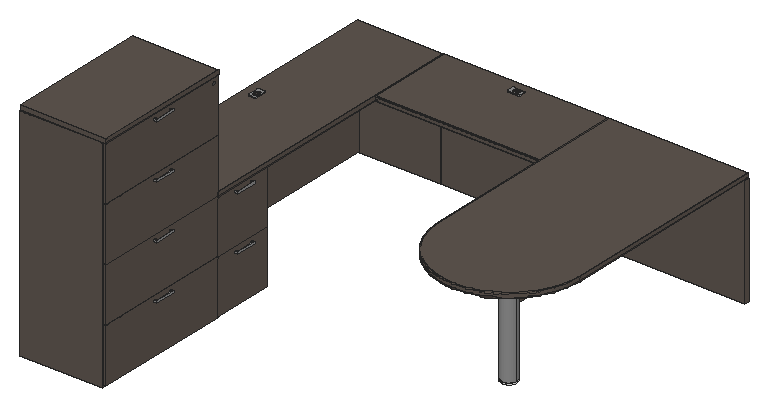
Revit family "T100054", category Casework, Revit 2018 (continued)
Definition of nested family "FIRST OFFICE-PULSE_STORAGE_LATERAL_FILES_FREE_STND"
  Dimensions and locks (in)
    plane 17 to plane 16 to plane 15 to plane 18 to plane 14 to plane 13 to plane 8 to plane 24 to plane 7 to plane 10 to plane 1 = 1' - 1 3/4" locked, 0' - 0 1/8" locked, 1' - 1 3/4" locked, 0' - 0 1/8" locked, 1' - 1 3/4" locked, 0' - 0 1/8" locked, 1' - 1 3/4" locked, 0' - 0 3/16" locked, 0' - 0 9/16" locked, 0' - 0 1/2" locked
    "LATERAL FILE HEIGHT": plane 19 "SURFACE TOP" to plane 10
    plane 3 "Left" to plane 6 to plane 26 = 0' - 0 1/16" locked, 0' - 0 15/16" locked
    locked: Extrusion 5 sketch curve to Extrusion 5 sketch curve at 0.875
    locked: Extrusion 6 sketch curve to Extrusion 6 sketch curve at 0.875
    plane 25 to plane 12 to plane 19 "SURFACE TOP" = 0' - 0 1/8" locked, 0' - 1.187" locked
    locked: plane 25 to plane 29 at 1.25
    plane 28 to plane 27 to plane 23 to plane 4 "Right" = 0' - 0.388" locked, 0' - 0.937" locked, 0' - 0.063" locked
    aligned: level to plane 1
    aligned and locked: plane 9 "BACK" to Masking region 1 sketch curve  (x2)
    aligned: plane 23 to Masking region 2
    aligned and locked: plane 21 to Masking region 1 sketch curve
    aligned and locked: Masking region 2 to plane 21
    aligned and locked: plane 20 "DRAWER FRONT" to Masking region 2
    aligned and locked: plane 3 "Left" to Extrusion 1 sketch curve
    aligned and locked: Extrusion 1 sketch curve to plane 9 "BACK"
    aligned and locked: plane 4 "Right" to Extrusion 1 sketch curve
    aligned and locked: Extrusion 1 to plane 12
    aligned and locked: Extrusion 1 to plane 19 "SURFACE TOP"
    aligned and locked: plane 4 "Right" to Extrusion 2
    aligned and locked: Extrusion 2 to plane 3 "Left"
    aligned and locked: Extrusion 3 sketch curve to plane 3 "Left"
    aligned and locked: Extrusion 3 sketch curve to plane 9 "BACK"
    aligned and locked: plane 26 to Extrusion 3 sketch curve
    aligned and locked: plane 21 to Extrusion 3 sketch curve
    aligned and locked: plane 25 to Extrusion 3
    aligned and locked: Extrusion 3 to plane 10
    aligned and locked: Extrusion 4 sketch curve to plane 27
    aligned and locked: plane 4 "Right" to Extrusion 4 sketch curve
    aligned and locked: plane 21 to Extrusion 4 sketch curve
    aligned and locked: plane 25 to Extrusion 4
    aligned and locked: Extrusion 4 to plane 10
    aligned and locked: plane 12 to Extrusion 5
    aligned and locked: Extrusion 5 to plane 25
    aligned and locked: plane 26 to Extrusion 5 sketch curve
    aligned and locked: plane 27 to Extrusion 6 sketch curve
    aligned and locked: plane 12 to Extrusion 6
    aligned and locked: Extrusion 6 to plane 25
    aligned and locked: Extrusion 7 sketch curve to plane 26
    aligned and locked: plane 22 to Extrusion 7 sketch curve
    aligned and locked: Extrusion 7 sketch curve to plane 9 "BACK"
    aligned and locked: plane 27 to Extrusion 7 sketch curve
    aligned and locked: Extrusion 7 to plane 10
    aligned and locked: plane 12 to Extrusion 7
    aligned and locked: Extrusion 8 sketch curve to plane 7
    aligned and locked: Extrusion 8 sketch curve to plane 6
    aligned and locked: plane 23 to Extrusion 8 sketch curve
    aligned and locked: plane 8 to Extrusion 8 sketch curve
    aligned and locked: Extrusion 8 to plane 21
    aligned and locked: plane 20 "DRAWER FRONT" to Extrusion 8
    aligned and locked: Extrusion 9 to plane 6
    aligned: plane 23 to Extrusion 9
    aligned and locked: plane 14 to Extrusion 9
    aligned and locked: Extrusion 9 to plane 13
    aligned and locked: Extrusion 10 to plane 6
    aligned and locked: plane 15 to Extrusion 10
    aligned: plane 23 to Extrusion 10
    aligned and locked: Extrusion 10 to plane 18
    aligned and locked: Extrusion 11 to plane 6
    aligned: plane 23 to Extrusion 11
    aligned and locked: Extrusion 11 to plane 16
    aligned and locked: plane 17 to Extrusion 11
    aligned and locked: plane 23 to Extrusion 11
    aligned and locked: plane 23 to Extrusion 10
    aligned and locked: plane 23 to Extrusion 9
    aligned and locked: plane 23 to Masking region 2
  Automatic sketch dimensions
    Masking region 1 sketch curve to plane 3 "Left" = 0' - 0"
    Masking region 1 sketch curve to plane 4 "Right" = 0' - 0"
    Masking region 2 sketch curve to plane 6 = 0' - 0"
    plane 21 to Masking region 2 sketch curve = 0' - 0"
    Masking region 2 sketch curve to plane 23 = 0' - 0"
    plane 20 "DRAWER FRONT" to Masking region 2 sketch curve = 0' - 0"
    plane 5 "TOP FRONT" to Extrusion 1 sketch curve = 0' - 0 1/8"
    Extrusion 2 sketch curve to plane 5 "TOP FRONT" = 0' - 0"
    plane 19 "SURFACE TOP" to Extrusion 2 sketch curve = 0' - 0"
    Extrusion 2 sketch curve to plane 12 = 0' - 0"
    Extrusion 2 sketch curve to plane 5 "TOP FRONT" = 0' - 0 1/8"
    plane 9 "BACK" to Extrusion 4 sketch curve = 0' - 0"
    Extrusion 5 sketch curve to plane 21 = 0' - 0 1/8"
    plane 9 "BACK" to Extrusion 5 sketch curve = 0' - 0 1/8"
    Extrusion 6 sketch curve to plane 21 = 0' - 0 1/8"
    plane 9 "BACK" to Extrusion 6 sketch curve = 0' - 0 1/8"
    Extrusion 9 sketch curve to plane 6 = 0' - 0"
    Extrusion 9 sketch curve to plane 14 = 0' - 0"
    Extrusion 9 sketch curve to plane 23 = 0' - 0"
    Extrusion 9 sketch curve to plane 13 = 0' - 0"
    Extrusion 10 sketch curve to plane 6 = 0' - 0"
    Extrusion 10 sketch curve to plane 15 = 0' - 0"
    Extrusion 10 sketch curve to plane 23 = 0' - 0"
    Extrusion 10 sketch curve to plane 12 = 2' - 3 3/4"
    Extrusion 11 sketch curve to plane 6 = 0' - 0"
    Extrusion 11 sketch curve to plane 17 = 0' - 0"
    Extrusion 11 sketch curve to plane 23 = 0' - 0"
    Extrusion 11 sketch curve to plane 16 = 0' - 0"
    plane 20 "DRAWER FRONT" to Extrusion 12 sketch curve = 0' - 0"  (x2)
    Extrusion 12 sketch curve to plane 2 "Center Left/Right" = 0' - 2 23/32"
    Extrusion 12 sketch curve to Extrusion 12 sketch curve = 0' - 0 3/8"  (x2)
    plane 5 "TOP FRONT" to Extrusion 12 sketch curve = 0' - 0 9/16"
    plane 2 "Center Left/Right" to Extrusion 12 sketch curve = 0' - 2 11/32"
    Extrusion 12 sketch curve to Extrusion 12 sketch curve = 0' - 0 3/16"
    plane 20 "DRAWER FRONT" to Extrusion 13 sketch curve = 0' - 0"  (x2)
    Extrusion 13 sketch curve to plane 2 "Center Left/Right" = 0' - 2 23/32"
    Extrusion 13 sketch curve to Extrusion 13 sketch curve = 0' - 0 3/8"  (x2)
    plane 5 "TOP FRONT" to Extrusion 13 sketch curve = 0' - 0 9/16"
    plane 2 "Center Left/Right" to Extrusion 13 sketch curve = 0' - 2 11/32"
    Extrusion 13 sketch curve to Extrusion 13 sketch curve = 0' - 0 3/16"
    plane 20 "DRAWER FRONT" to Extrusion 14 sketch curve = 0' - 0"  (x2)
    Extrusion 14 sketch curve to plane 2 "Center Left/Right" = 0' - 2 23/32"
    Extrusion 14 sketch curve to Extrusion 14 sketch curve = 0' - 0 3/8"  (x2)
    plane 5 "TOP FRONT" to Extrusion 14 sketch curve = 0' - 0 9/16"
    plane 2 "Center Left/Right" to Extrusion 14 sketch curve = 0' - 2 11/32"
    Extrusion 14 sketch curve to Extrusion 14 sketch curve = 0' - 0 3/16"
    plane 20 "DRAWER FRONT" to Extrusion 15 sketch curve = 0' - 0"  (x2)
    Extrusion 15 sketch curve to plane 2 "Center Left/Right" = 0' - 2 23/32"
    Extrusion 15 sketch curve to Extrusion 15 sketch curve = 0' - 0 3/8"  (x2)
    plane 5 "TOP FRONT" to Extrusion 15 sketch curve = 0' - 0 9/16"
    plane 2 "Center Left/Right" to Extrusion 15 sketch curve = 0' - 2 11/32"
    Extrusion 15 sketch curve to Extrusion 15 sketch curve = 0' - 0 3/16"
    plane 20 "DRAWER FRONT" to Masking region 3 sketch curve = 0' - 0"  (x2)
    Masking region 3 sketch curve to plane 2 "Center Left/Right" = 0' - 2 23/32"
    Masking region 3 sketch curve to Masking region 3 sketch curve = 0' - 0 3/8"  (x2)
    plane 5 "TOP FRONT" to Masking region 3 sketch curve = 0' - 0 9/16"
    plane 2 "Center Left/Right" to Masking region 3 sketch curve = 0' - 2 11/32"
    Masking region 3 sketch curve to Masking region 3 sketch curve = 0' - 0 3/16"
    Extrusion 16 sketch curve to plane 28 = 0' - 0"
    Extrusion 16 sketch curve to plane 29 = 0' - 0"
    radius of Extrusion 16 sketch curve = 0' - 0.313"
Definition of nested family "FIRST OFFICE-PULSE_SUPPORT_BASES_CB4-L2S"
  Parameters (values of type "IMPULSE-G2_SUPPORT_BASE_MTL_CYLN_5-CB4")
    METAL SQUARE = no
    URL = "http://www.firstoffice.com/products/casegoods/pulse"
    METAL CYLINDER = yes
    ENVIRONMENTAL = "http://www.firstoffice.com/information/environment"
    Manufacturer = "FIRST OFFICE-PULSE"
    MODEL NUMBER = "4-CB4"
    MANUFACTURERS' CODE = "FOF"
    Description = "PULSE G2 METAL 4\" CYLINDER BASE"
    CATALOG CODE = "FOF"
  Types (3): name | METAL SQUARE | METAL CYLINDER | MODEL NUMBER | Description
    (no name) | no | yes | "4-CB4" | "PULSE G2 METAL 4\" CYLINDER BASE"
    IMPULSE-G2_SUPPORT_BASE_MTL_CYLN_5-CB4 | no | yes | "4-CB4" | "PULSE G2 METAL 4\" CYLINDER BASE"
    IMPULSE-G2_SUPPORT_BASE_MTL_SQR_5-L2S | yes | no | "4-L2S" | "PULSE G2 METAL 2\" SQUARE BASE"
  Reference planes (in)
    plane 1 "Center Front/Back": y = 3
    plane 2: z = 0
    plane 3 "Center Left/Right": x = 0
    plane 4 "BASE TOP": z = 28.812
    plane 5 "BASE BASE": z = 0.25
    plane 6: z = 0.503
  Forms (in)
    Extrusion 1, solid, visible <- "METAL CYLINDER"
      sketch origin (0, 0, 0) x (1, 0, 0) y (0, 1, 0)
        loop
          circle (0, 3) r 2
      from 0 to 0.25
    Extrusion 2, solid, visible <- "METAL CYLINDER"
      sketch origin (0, 0, 0.503) x (1, 0, 0) y (0, 1, 0)
        loop
          circle (0, 3) r 2
      from 0 to 28.309
    Extrusion 3, solid, visible <- "METAL CYLINDER"
      sketch origin (0, 0, 0) x (1, 0, 0) y (0, 1, 0)
        loop
          circle (0, 3) r 0.375
      from 0.25 to 0.503
    Extrusion 4, solid, visible <- "METAL SQUARE"
      sketch origin (0, 1.5, 0) x (1, 0, 0) y (0, 1, 0)
        loop
          line (-1, 0.5) -> (1, 0.5) -> (1, 2.5) -> (-1, 2.5) -> (-1, 0.5)
      from 0 to 28.812
  Cuts and joins
    joined: Extrusion 1, Extrusion 3
  Lines and regions (in)
    Masking region 1, visible <- "METAL CYLINDER"
      outline origin (0, 0, 0) x (1, 0, 0) y (0, 1, 0)
        loop
          circle (0, 3) r 2
    Masking region 2, not visible
      outline origin (0, 0, 0) x (1, 0, 0) y (0, 1, 0)
        loop
          circle (0, 3) r 2
    Masking region 3, visible <- "METAL SQUARE"
      outline origin (0, 0, 0) x (1, 0, 0) y (0, 1, 0)
        loop
          line (-1, 2) -> (1, 2) -> (1, 4) -> (-1, 4) -> (-1, 2)
    Masking region 4, not visible
      outline origin (0, 0, 0) x (1, 0, 0) y (0, 1, 0)
        loop
          line (-1.8125, 1.1875) -> (1.8125, 1.1875) -> (1.8125, 4.8125) -> (-1.8125, 4.8125) -> (-1.8125, 1.1875)
  Dimensions and locks (in)
    plane 6 to plane 5 "BASE BASE" to plane 2 = 0' - 0.253" locked, 0' - 0 1/4" locked
    locked: plane 4 "BASE TOP" to plane 2 at 28.812
    aligned and locked: plane 4 "BASE TOP" to Extrusion 4
    aligned and locked: Extrusion 4 to plane 2
    aligned and locked: Extrusion 4 to Masking region 3 sketch curve
    aligned and locked: Masking region 3 sketch curve to Extrusion 4  (x3)
    aligned and locked: plane 4 "BASE TOP" to Extrusion 2
Definition of nested family "FIRST OFFICE-PULSE_SUPPORT_END_PANELS"
  Parameters (values of type "PULSE_SUPPORT_END_PANEL_4-2930MEP")
    URL = "http://www.firstoffice.com/products/casegoods/pulse"
    ENVIRONMENTAL = "http://www.firstoffice.com/information/environment"
    END PNL DEPTH = 2' - 4.938"
    Manufacturer = "FIRST OFFICE-PULSE"
    MODEL NUMBER = "4-2930MEP"
    MANUFACTURERS' CODE = "FOF"
    Description = "PULSE G2 END PANEL 30"
    END PANELS = none
    CATALOG CODE = "FOF"
  Types (7): name | END PNL DEPTH | MODEL NUMBER | Description
    (no name) | 2' - 4.938" | "4-2930MEP" | "PULSE G2 END PANEL 30"
    PULSE_SUPPORT_END_PANEL_4-2922MEP | 1' - 8.938" | "4-2922MEP" | "PULSE G2 END PANEL 22"
    PULSE_SUPPORT_END_PANEL_4-2930MEP | 2' - 4.938" | "4-2930MEP" | "PULSE G2 END PANEL 30"
    PULSE_SUPPORT_END_PANEL_4-2936MEP | 2' - 10.938" | "4-2936MEP" | "PULSE G2 END PANEL 36"
    PULSE_SUPPORT_END_PANEL_4-2922TEP | 1' - 10" | "4-2922TEP" | "PULSE G2 END PANEL 22"
    PULSE_SUPPORT_END_PANEL_4-2930TEP | 2' - 6" | "4-2930TEP" | "PULSE G2 END PANEL 30"
    PULSE_SUPPORT_END_PANEL_4-2936TEP | 3' - 0" | "4-2936TEP" | "PULSE G2 END PANEL 36"
  Reference planes (in)
    plane 1 "Center Front/Back": y = 3
    plane 2: z = 0
    plane 3 "Center Left/Right": x = -0.282
    plane 4 "BASE HEIGHT": z = 28.813
    plane 5 "PNL BOTTOM": z = 0.5
    plane 6 "PNLTOP": z = 28.688
    plane 7 "FRONT": y = -11.469
    plane 8 "BACK": y = 17.469
    plane 9: x = -0.8135
    plane 10: y = -11.344
    plane 11: x = 0.2495
    plane 12: x = 0.1245
    plane 13: x = -0.6885
    plane 14: y = 17.344
  Forms (in)
    Extrusion 1, solid, material <- "END PANELS"
      sketch origin (-15.9065, 0, 0) x (0, 1, 0) y (0, 0, 1)
        loop
          line (-11.469, 28.688) -> (-11.469, 0.5) -> (17.469, 0.5) -> (17.469, 28.688) -> (-11.469, 28.688)
      from 15.093 to 16.156
    Extrusion 2, solid
      sketch origin (-7.812, 0, 28.688) x (0, 1, 0) y (-1, 0, 0)
        loop
          line (17.344, -7.9365) -> (17.344, -7.1235) -> (-11.344, -7.1235) -> (-11.344, -7.9365) -> (17.344, -7.9365)
      from 0 to 0.125
  Lines and regions (in)
    Masking region 1
      outline origin (0, 0, 0) x (1, 0, 0) y (0, 1, 0)
        loop
          line (-0.8135, -11.469) -> (0.2495, -11.469) -> (0.2495, 17.469) -> (-0.8135, 17.469) -> (-0.8135, -11.469)
  Dimensions and locks (in)
    locked: plane 4 "BASE HEIGHT" to plane 6 "PNLTOP" at 0.125
    equal spacing: plane 7 "FRONT", plane 1 "Center Front/Back", plane 8 "BACK"
    "END PNL DEPTH": plane 7 "FRONT" to plane 8 "BACK"
    locked: plane 5 "PNL BOTTOM" to plane 2 at 0.5
    locked: plane 4 "BASE HEIGHT" to plane 5 "PNL BOTTOM" at 28.313
    locked: plane 7 "FRONT" to plane 10 at 0.125
    equal spacing: plane 9, plane 3 "Center Left/Right", plane 11, locked at 0.5315 each
    locked: plane 8 "BACK" to plane 14 at 0.125
    aligned and locked: plane 6 "PNLTOP" to Extrusion 1 sketch curve
    aligned: plane 8 "BACK" to Extrusion 1
    aligned and locked: level to plane 2
    aligned and locked: plane 7 "FRONT" to Extrusion 1
    aligned and locked: plane 10 to Extrusion 2 sketch curve
    aligned and locked: plane 11 to Extrusion 1
    aligned and locked: Extrusion 1 to plane 9
    aligned and locked: plane 12 to Extrusion 2 sketch curve
    aligned and locked: plane 8 "BACK" to Extrusion 1
    aligned and locked: plane 14 to Extrusion 2 sketch curve
  Automatic sketch dimensions
    Extrusion 1 sketch curve to plane 7 "FRONT" = 0' - 0"
    Extrusion 1 sketch curve to plane 5 "PNL BOTTOM" = 0' - 0"
    Extrusion 2 sketch curve to Extrusion 2 sketch curve = 0' - 0.813"
    Extrusion 1 sketch curve to plane 8 "BACK" = 0' - 0"
    Masking region 1 sketch curve to plane 8 "BACK" = 0' - 0"
    Masking region 1 sketch curve to plane 9 = 0' - 0"
    plane 7 "FRONT" to Masking region 1 sketch curve = 0' - 0"
    Masking region 1 sketch curve to plane 11 = 0' - 0"
